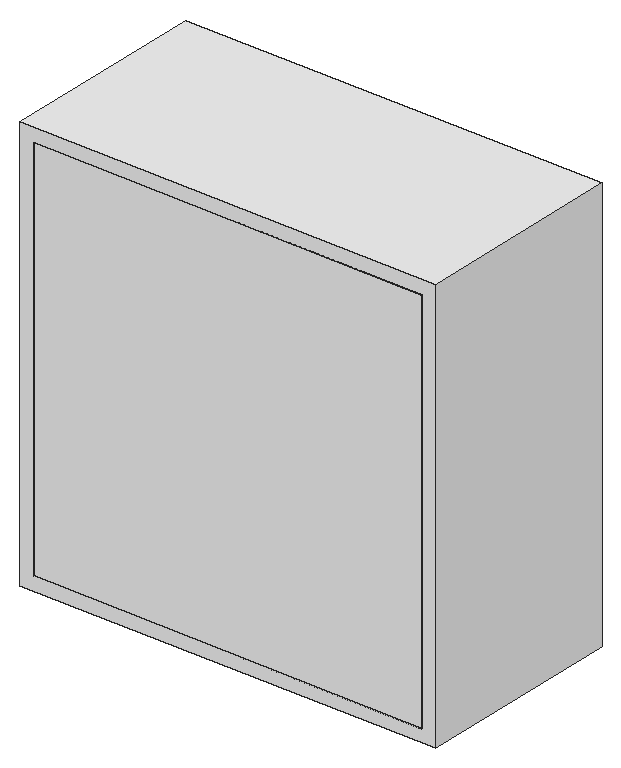
Revit family "Upper Cabinet-Single Door-Wall (NZ)", category 케이스워크, Revit 2026
Family settings
  호스트 = 벽
  항상 수직 = 예
  로드될 때 보이드를 사용하여 절단 = 아니오
  공유 = 아니오
  룸 계산 점 = 아니오
Parameters (values of type "600mm")
  기본 높이 = 0 mm
  Handle Offset X = 45 mm
  Handle Height = 75 mm
  시공 유형 = "Design"
  Cabinet Material = Cabinets
  깊이 = 300 mm
  Door/Drawer Material = Cabinets
  Handle Material = Cabinets - Handles
  Height = 600 mm
  Top Of Cabinet = 2000 mm
  Width = 600 mm
  Assembly Code = ""
Types (2, lengths in mm): name | Handle Height | 시공 유형 | Width
  300mm | 100 | 0 | 300
  600mm | 75 | "Design" | 600
Reference planes
  plane 1: y = 0
  plane 2: x = 40.321
  plane 3: x = 340.321
  plane 4: x = -259.679
  plane 5 "Underside": z = 1400
  plane 6: z = 2000
  plane 7: y = 376.2
  plane 8: y = 76.2
  plane 9: z = 1700
  plane 10: x = -214.679
Forms (mm)
  Extrusion 1, solid, material "Cabinets" <- "Cabinet Material"
    sketch origin (0, 76.2, 0) x (1, 0, 0) y (0, 0, 1)
      loop
        line (340.321, 2000) -> (-259.679, 2000) -> (-259.679, 1400) -> (340.321, 1400) -> (340.321, 2000)
      loop
        line (321.271, 1980.95) -> (-240.629, 1980.95) -> (-240.629, 1419.05) -> (321.271, 1419.05) -> (321.271, 1980.95)
    from 0 to -300
  Extrusion 2, solid, material "Cabinets" <- "Cabinet Material"
    sketch origin (0, 76.2, 0) x (1, 0, 0) y (0, 0, 1)
      loop
        line (321.271, 1980.95) -> (-240.629, 1980.95) -> (-240.629, 1419.05) -> (321.271, 1419.05) -> (321.271, 1980.95)
    from 0 to -19.05
  Extrusion 3, solid, material "Cabinets" <- "Door/Drawer Material"
    sketch origin (0, 376.2, 0) x (0, 0, 1) y (1, 0, 0)
      loop
        line (1980.95, 321.271) -> (1419.05, 321.271) -> (1419.05, -240.629) -> (1980.95, -240.629) -> (1980.95, 321.271)
    from 12.7 to -19.05
Lines and regions (mm)
  symbolic lines, style "Plan Rep - Above"
    curve 1: line (-259.679, 376.2, 0) -> (340.321, 376.2, 0)
    curve 2: line (-259.679, 76.2, 0) -> (-259.679, 376.2, 0)
    curve 3: line (340.321, 76.2, 0) -> (-259.679, 76.2, 0)
    curve 4: line (340.321, 376.2, 0) -> (340.321, 76.2, 0)
  symbolic lines, style "Elevation Swing"
    curve 5: line (-240.629, 0, 1980.95) -> (321.271, 0, 1700)
    curve 6: line (321.271, 0, 1700) -> (-240.629, 0, 1419.05)
Text (mm)
  text "Placement Side" at (0, 289.19, 3124.603), in view "Right"
  text "Placement Side" at (-1184.557, 703.829, 0), in view "Ref. Level"
  text "Placement Side" at (0, 714.322, 2932.998), in view "Left"
Dimensions and locks
  equal spacing: plane 4, plane 2, plane 3
  "Width": plane 4 to plane 3
  "깊이": plane 8 to plane 7
  equal spacing: plane 5 "Underside", plane 9, plane 6
  "Top Of Cabinet": level to plane 6
  "Height": plane 5 "Underside" to plane 6
  "Handle Offset X": plane 10 to plane 4
  aligned and locked: plane 8 to host wall
  aligned and locked: plane 7 to Extrusion 1
  aligned and locked: Extrusion 2 sketch curve to Extrusion 1  (x4)
  aligned and locked: nested 1 to plane 10
  aligned and locked: nested 1 to Extrusion 3
Automatic sketch dimensions
  Extrusion 1 sketch curve to plane 4 = 0 mm
  Extrusion 1 sketch curve to plane 3 = 0 mm
  Extrusion 1 sketch curve to plane 5 "Underside" = 0 mm
  Extrusion 1 sketch curve to plane 6 = 0 mm
  plane 4 to Extrusion 1 sketch curve = 19.05 mm
  Extrusion 1 sketch curve to plane 3 = 19.05 mm
  Extrusion 1 sketch curve to plane 5 "Underside" = 19.05 mm
  plane 6 to Extrusion 1 sketch curve = 19.05 mm
  plane 4 to Extrusion 3 sketch curve = 19.05 mm
  Extrusion 3 sketch curve to plane 5 "Underside" = 19.05 mm
  plane 6 to Extrusion 3 sketch curve = 19.05 mm
  Extrusion 3 sketch curve to plane 3 = 19.05 mm
  curve 3 to host wall = 0 mm
  curve 3 to plane 4 = 0 mm
  curve 3 to plane 3 = 0 mm
  curve 2 to plane 7 = 0 mm
  curve 6 to plane 9 = 0 mm
  plane 6 to curve 5 = 19.05 mm
  curve 6 to plane 5 "Underside" = 19.05 mm
  curve 6 to plane 3 = 19.05 mm
  plane 4 to curve 5 = 19.05 mm
  plane 4 to curve 6 = 19.05 mm
Nested families
  nested 1: "Cupbd Handle-D (NZ)" at (-214.679, 388.9, 1474.21), type "Cupbd Handle-D (NZ)"
Definition of nested family "Cupbd Handle-D (NZ)"
  Parameters
    Handle Material = none
    Default Elevation = 1219.2 mm
  Reference planes
    plane 1 "Center (Front/Back)": y = 0
    plane 2: z = 0
    plane 3 "Center (Left/Right)": x = 0
  Forms (mm)
    Sweep 1, solid, material <- "Handle Material"
      path origin (0, -388.9, -1450.7) x (0, 1, 0) y (0, 0, 1)
        loop
          line (388.9, 1552.4) -> (401.6, 1552.4)
          arc (401.6, 1552.4) -> (410.58, 1548.68) -> (414.3, 1539.7) r 12.7
          line (414.3, 1539.7) -> (414.3, 1463.5)
          arc (414.3, 1463.5) -> (410.58, 1454.52) -> (401.6, 1450.8) r 12.7
          line (401.6, 1450.8) -> (388.9, 1450.8)
      profile origin (-88.479, 6.35, 0) x (0, 0, 1) y (1, 0, 0)
        loop
          circle (101.7, 88.479) r 6.35
  Dimensions and locks
    aligned and locked: Sweep 1 to plane 1 "Center (Front/Back)"
